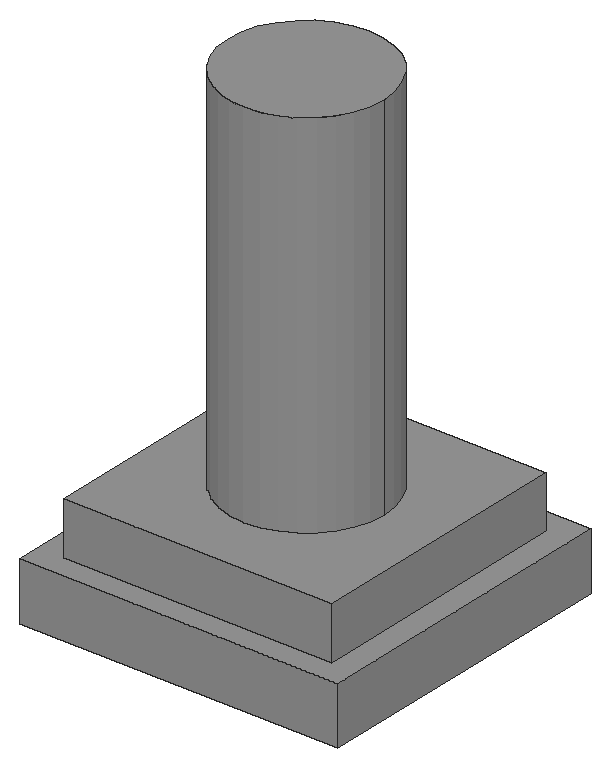
Revit family "VASARI 6 Square Wall Wash 02", category Lighting Fixtures, host Ceiling, Revit 2017
Family settings
  Host = Ceiling
  Round Connector Dimension = Use Diameter
  Part Type = Normal
  OmniClass Number = 23.80.70.11
  OmniClass Title = Luminaries for Internal Lighting
  Always vertical = Yes
  Cut with Voids When Loaded = No
  Light Source = Yes
  Shared = No
  Room Calculation Point = No
Parameters (values of type "500P")
  Wattage = 9.2903 W
  built-in parameter 1150110 = 1 (stored number, unit not read)
  built-in parameter 1114217 = 1 (stored number, unit not read)
  Tilt Angle = 90.00°
  built-in parameter 1150109 = 1 (stored number, unit not read)
  built-in parameter 1150134 = (empty or 0)
  built-in parameter 1150113 = 1 (stored number, unit not read)
  Photometric Web File = "ELR500P 30D.IES"
  Lumens = 1380 lm
  built-in parameter 1150115 = 1 (stored number, unit not read)
  built-in parameter 1150105 = 109.82 (stored number, unit not read)
  built-in parameter 1150137 = (empty or 0)
  built-in parameter 1150139 = (empty or 0)
  built-in parameter 1150112 = 1 (stored number, unit not read)
  built-in parameter 1150114 = 1 (stored number, unit not read)
  built-in parameter 1150132 = 2
  built-in parameter 1150102 = (empty or 0)
  built-in parameter 1150138 = (empty or 0)
  built-in parameter 1150107 = 3000 (stored number, unit not read)
  built-in parameter 1150106 = 1.0982 (stored number, unit not read)
  built-in parameter 1150104 = 13.8 (stored number, unit not read)
  Dimming Lamp Color Temperature Shift = <None>
  Color Filter = 16777215
  built-in parameter 1114218 = 1 (stored number, unit not read)
  built-in parameter 1150133 = 10 (stored number, unit not read)
Types (2, lengths in mm): name | Photometric Web File
  Type 1 | "ELR50P 35D.IES"
  500P | "ELR500P 30D.IES"
Reference planes
  plane 1 "Light Source Axis (F/B)": y = 0
  plane 2: z = 0
  plane 3 "Light Source Axis (L/R)": x = 0
  plane 4 "Ceiling": z = 4000
  plane 5 "Light Source Elevation": z = 4000
  plane 6 "Right": x = 72.882
  plane 7 "Left": x = -72.882
  plane 8 "Top": y = 71.946
  plane 9: y = -73.179
  plane 10: z = 4220
Forms (mm)
  Extrusion 1, solid, material "ELR Plastic, Opaque White"
    sketch origin (194.458, -1.785, 4000) x (0, 1, 0) y (-1, 0, 0)
      loop
        line (73.73, 267.34) -> (-71.395, 267.34) -> (-71.395, 121.576) -> (73.73, 121.576) -> (73.73, 267.34)
      loop
        line (62.23, 255.88) -> (-60.77, 255.88) -> (-60.77, 132.88) -> (62.23, 132.88) -> (62.23, 255.88)
    from -1.703 to 25
  Extrusion 2, solid, material "ELR Plastic, Opaque White"
    sketch origin (-0.308, -1.785, 4000) x (0, 1, 0) y (-1, 0, 0)
      loop
        line (62.23, 61.114) -> (-60.77, 61.114) -> (-60.77, -61.886) -> (62.23, -61.886) -> (62.23, 61.114)
    from 25 to 49.183
  Extrusion 3, solid, material "ELR Plastic, Opaque White"
    sketch origin (0.419, -1.785, 4000) x (0, 1, 0) y (-1, 0, 0)
      loop
        circle (1.785, 0.419) r 35.785
    from 49.183 to 220
  Extrusion 4, solid, material "ELR Light Emissive"
    sketch origin (0, 0, 4000) x (0, 1, 0) y (-1, 0, 0)
      loop
        line (60.446, 61.422) -> (-62.554, 61.422) -> (-62.554, -61.578) -> (60.446, -61.578) -> (60.446, 61.422)
    from 1 to 2
Lines and regions (mm)
  Opening 1
    outline origin (0, 0, 4000) x (1, 0, 0) y (0, 1, 0)
      loop
        line (-72.258, 72.589) -> (-72.258, -71.927) -> (72.258, -71.927) -> (72.258, 72.589) -> (-72.258, 72.589)
  Opening 2
    outline origin (0.078, -1.054, 4000) x (1, 0, 0) y (0, 1, 0)
      loop
        line (-72.258, 72.589) -> (-72.258, -71.927) -> (72.258, -71.927) -> (72.258, 72.589) -> (-72.258, 72.589)
  Opening 3
    outline origin (0.078, -1.054, 4000) x (1, 0, 0) y (0, 1, 0)
      loop
        line (-72.96, 73.5) -> (-72.96, -72.125) -> (72.804, -72.125) -> (72.804, 73.5) -> (-72.96, 73.5)
Dimensions and locks
  equal spacing: host sketch curve, plane 3 "Light Source Axis (L/R)", host sketch curve
  equal spacing: host sketch curve, plane 1 "Light Source Axis (F/B)", host sketch curve
  host sketch curve to host sketch curve = 4000 mm  (x2)
  plane 4 "Ceiling" to host ceiling = 0 mm
  plane 7 "Left" to plane 6 "Right" = 145.764 mm
  plane 8 "Top" to plane 9 = 145.125 mm
  imposter light to plane 10 = 220 mm
  plane 6 "Right" to plane 7 "Left" = 145.764 mm
  aligned and locked: plane 3 "Light Source Axis (L/R)" to imposter light
  aligned and locked: plane 1 "Light Source Axis (F/B)" to imposter light
  aligned and locked: plane 5 "Light Source Elevation" to imposter light
  aligned and locked: plane 10 to Extrusion 3
